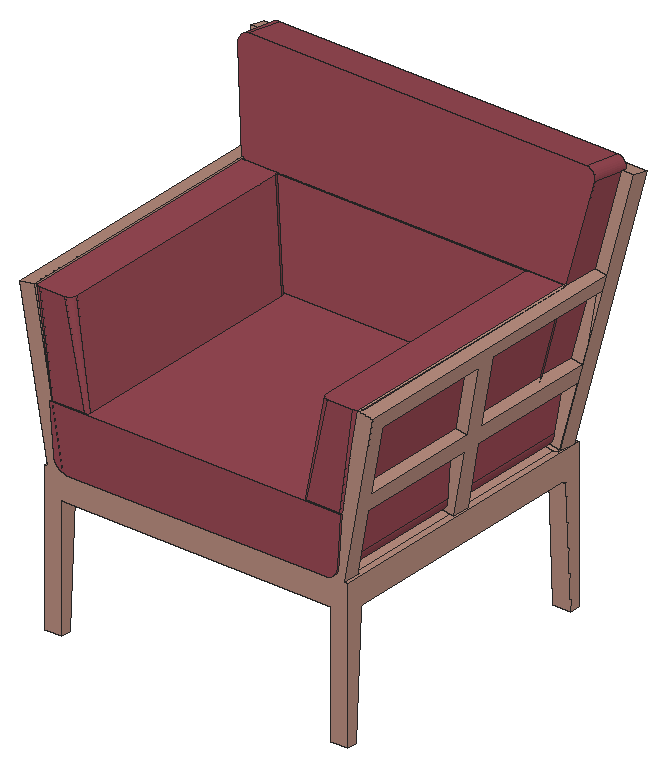
Revit family "Haworth_Janus_Slant_ContinentalSideChairwithArms", category Furniture, Revit 2018
Family settings
  OmniClass Number = 23.40.20.00
  OmniClass Title = General Furniture and Specialties
  Work Plane-Based = No
  Always vertical = Yes
  Cut with Voids When Loaded = No
  Shared = No
  Room Calculation Point = No
Parameters (values of type "HCJC-SL-SAC")
  With Seat Cushion = yes
  Width = "28.5 in."  # constant formula
  Warranty = "https://www.haworth.com/resources/product-info/warranties"
  URL - Product = "https://www.haworth.com/products/seating/outdoor/slant"
  URL = "http://www.haworth.com/our-brands/haworth-collection"
  Trim Finish [instance] = Haworth _ Paint _ Slant _ Mousse
  Size = "Verify Final Dim. w/ Haworth"  # constant formula
  Seat Bottom Finish [instance] = Haworth _ Fabric _ Tellure _ Tomato 3A-43
  Revision = "1"  # constant formula
  Model = "HCJC-SL-SAC"
  Manufacturer = "Haworth"  # constant formula
  Frame = yes
  Depth = "24.5 in."  # constant formula
  Height = "31.5 in."  # constant formula
  Description = "Haworth - Janus - Slant - Continental Side Chair with Arms"
  Cushion = yes
  Back Finish [instance] = Haworth _ Fabric _ Tellure _ Tomato 3A-43
  Author = "Haworth (Abd Rahman)"  # constant formula
  Assembly Code = "E2020200"
Reference planes (in)
  plane 1 "Center Front/Back": y = 0
  plane 2: z = 0
  plane 3 "Center Left/Right": x = 0
Nested families (in)
  nested 1: "Haworth_Janus_Slant_ Seat-Cushion_PART" at (-19.98621, 5.57332, -2.82748), visible <- "With Seat Cushion", Cushion Finish <- "Seat Bottom Finish", type "HCJC-SL-CSSA-S - Cushion"
    with Cushion Finish Haworth _ Fabric _ Tellure _ Tomato 3A-43
  nested 2: "Haworth_Janus_Slant_Cushion_Back_PART" at (0, -2.50717, -3.27451), Cushion Finish <- "Back Finish", visible <- "Cushion", type "HCJC-SL-CBSA-S - BackSide - Cushion"
    with Cushion Finish Haworth _ Fabric _ Tellure _ Tomato 3A-43
  nested 3: "Haworth_Janus_Slant_ContinentalSideChair_Frame_PART" at (-0.2032, 1.61978, 0), Frame Finish <- "Trim Finish", visible <- "Frame", type "HCJC-SL-SAC - FRAME"
    with Frame Finish Haworth _ Paint _ Slant _ Mousse
Definition of nested family "Haworth_Janus_Slant_ Seat-Cushion_PART"
  Parameters (values of type "HCJC-SL-CSSA-S - Cushion")
    Warranty = "https://www.haworth.com/resources/product-info/warranties"
    URL - Product = "https://www.haworth.com/products/tables/outdoor/slant"
    Model = "HCJC-SL-CSSA-S"  # constant formula
    Description = "Haworth_Slant_Seat-Seating_Cushion"
    URL = "http://www.haworth.com/our-brands/haworth-collection"
    Size = "Verify Final Dim. w/ Haworth"  # constant formula
    Revision Number = "1"  # constant formula
    Manufacturer = "Haworth"  # constant formula
    Cushion Width = 1' - 9 73/256"  # constant formula
    Cushion Finish [instance] = none
    Author = "Haworth (Abd Rahman)"  # constant formula
    Assembly Code = "E2020200"
    Actual Depth = 1' - 9 73/256"  # constant formula
  Reference planes (in)
    plane 1 "Center F/B": y = -4.48242
    plane 2: z = 0
    plane 3 "Center L/R": x = 19.75
    plane 4 "Left": x = 9.10742
    plane 5 "Right": x = 30.39258
    plane 6 "Chair Front": y = -15.125
    plane 7 "Top": z = 27.5
    plane 8 "Seat Top": z = 18.25
    plane 9: y = 6.16016
  Forms (in)
    Extrusion 1, solid, material <- "Cushion Finish"
      sketch origin (30.39258, -13.125, 16.78125) x (0, 0, -1) y (-1, 0, 0)
        loop
          line (-1.45984, 21.48819) -> (-1.45984, -0.20303) -> (2.05745, 0.04292)
          arc (2.05745, 0.04292) -> (2.76455, 0.33581) -> (3.05745, 1.04292) r 1
          line (3.05745, 1.04292) -> (3.05745, 20.18506)
          arc (3.05745, 20.18506) -> (2.76455, 20.89217) -> (2.05745, 21.18506) r 1
          line (2.05745, 21.18506) -> (-1.45984, 21.48819)
      from -2 to 19.28516
  Lines and regions (in)
    Masking region 1
      outline origin (0, 0, 0) x (1, 0, 0) y (0, 1, 0)
        loop
          line (9.20751, 6.16016) -> (9.20751, -15.125) -> (30.34966, -15.125) -> (30.34966, 6.16016) -> (9.20751, 6.16016)
  Dimensions and locks (in)
    locked: plane 7 "Top" to level at 27.5
    plane 8 "Seat Top" to level = 1' - 6 1/4"
    "Cushion Width": plane 4 "Left" to plane 5 "Right"
    equal spacing: plane 4 "Left", plane 3 "Center L/R", plane 5 "Right"
    "Actual Depth": plane 9 to plane 6 "Chair Front"
    equal spacing: plane 9, plane 1 "Center F/B", plane 6 "Chair Front"
    plane 8 "Seat Top" to plane 2 = 1' - 6 1/4"
    plane 4 "Left" to plane 5 "Right" = 1' - 9 73/256"
    aligned and locked: plane 9 to Extrusion 1
    aligned and locked: Extrusion 1 to plane 6 "Chair Front"
    aligned and locked: Masking region 1 sketch curve to Extrusion 1  (x2)
  Automatic sketch dimensions
    Masking region 1 sketch curve to plane 4 "Left" = 0' - 0.10009"
    Masking region 1 sketch curve to plane 5 "Right" = 0' - 0.04292"
    Extrusion 1 sketch curve to plane 8 "Seat Top" = 0' - 0.00891"
    Extrusion 1 sketch curve to plane 5 "Right" = 0' - 1.04292"
    Extrusion 1 sketch curve to plane 8 "Seat Top" = 0' - 3.5262"  (x2)
    Extrusion 1 sketch curve to Extrusion 1 sketch curve = 0' - 1"
    plane 5 "Right" to Extrusion 1 sketch curve = 0' - 0.20303"
    plane 4 "Left" to Extrusion 1 sketch curve = 0' - 0.20303"
    Extrusion 1 sketch curve to plane 4 "Left" = 0' - 0.10009"
Definition of nested family "Haworth_Janus_Slant_Cushion_Back_PART"
  Parameters (values of type "HCJC-SL-CBSA-S - BackSide - Cushion")
    Warranty = "https://www.haworth.com/resources/product-info/warranties"
    URL - Product = "https://www.haworth.com/products/seating/outdoor/slant"
    URL = "http://www.haworth.com/our-brands/haworth-collection"
    Size = "Verify Final Dim. w/ Haworth"  # constant formula
    Revision = "1"  # constant formula
    Model = "HCJC-SL-CBSA-S"  # constant formula
    Manufacturer = "Haworth"  # constant formula
    Description = "Haworth_Slant_BackSide_Cushion"
    Cushion Width = 2' - 2 3/4"  # constant formula
    Cushion Finish [instance] = none
    Cushion Depth = 1' - 11 37/64"  # constant formula
    Author = "Haworth (Abd Rahman)"  # constant formula
    Assembly Code = "E2020200"
  Reference planes (in)
    plane 1 "Center Front/Back": y = 4.61133
    plane 2: z = 0
    plane 3 "Center Left/Right": x = 0
    plane 4 "Bench Back": x = -13.5625
    plane 5 "Bench Front": x = 13.1875
    plane 6 "Cushion Seam Right": y = 16.53906
    plane 7 "Cushion Seam Left": y = -7.03867
    plane 8 "Back Cushion 1": through (0, 14.11346, 18.85029) normal (0, 0.9864, -0.1644)
    plane 9 "Back Cushion 2": through (0, 12.34347, 25.97201) normal (0, 0.9864, -0.1644)
    plane 10: z = 31.68812
    plane 11: z = 18.43812
  Forms (in)
    Extrusion 1, solid, material <- "Cushion Finish"
      sketch origin (0, 10.58787, -2.30322) x (0, -0.164399, -0.986394) y (-1, 0, 0)
        loop
          line (-35.84805, 12.79837) -> (-35.84805, -12.38289)
          arc (-35.84805, -12.38289) -> (-35.61007, -12.89638) -> (-35.06445, -13.0467) r 0.67297
          line (-35.06445, -13.0467) -> (-21.2946, -10.75173)
          arc (-21.2946, -10.75173) -> (-21.10321, -10.64302) -> (-21.02744, -10.43636) r 0.31972
          line (-21.02744, -10.43636) -> (-21.02744, 10.81582)
          arc (-21.02744, 10.81582) -> (-21.12014, 11.06868) -> (-21.35432, 11.20169) r 0.39119
          line (-21.35432, 11.20169) -> (-35.04026, 13.48268)
          arc (-35.04026, 13.48268) -> (-35.60273, 13.32771) -> (-35.84805, 12.79837) r 0.69375
      from 0 to -2.91671
    Blend 2, solid, material <- "Cushion Finish"
      base sketch origin (0, 0, 0) x (1, 0, 0) y (0, 1, 0)
        loop
          arc (8.07872, 11.16747) -> (7.90194, 11.09425) -> (7.82872, 10.91747) r 0.25
          line (7.82872, 10.91747) -> (7.82872, -6.78867)
          arc (7.82872, -6.78867) -> (7.90194, -6.96545) -> (8.07872, -7.03867) r 0.25
          line (8.07872, -7.03867) -> (10.48866, -7.03867)
          arc (10.48866, -7.03867) -> (10.66543, -6.96545) -> (10.73866, -6.78867) r 0.25
          line (10.73866, -6.78867) -> (10.73866, 10.91747)
          arc (10.73866, 10.91747) -> (10.66543, 11.09425) -> (10.48866, 11.16747) r 0.25
          line (10.48866, 11.16747) -> (8.07872, 11.16747)
      top sketch origin (0, 0, 0) x (1, 0, 0) y (0, 1, 0)
        loop
          arc (9.35601, 12.20257) -> (9.17923, 12.12935) -> (9.10601, 11.95257) r 0.25
          line (9.10601, 11.95257) -> (9.10601, -6.53867)
          arc (9.10601, -6.53867) -> (9.25245, -6.89223) -> (9.60601, -7.03867) r 0.5
          line (9.60601, -7.03867) -> (11.46868, -7.03867)
          arc (11.46868, -7.03867) -> (11.82223, -6.89223) -> (11.96868, -6.53867) r 0.5
          line (11.96868, -6.53867) -> (11.96868, 11.95257)
          arc (11.96868, 11.95257) -> (11.89545, 12.12935) -> (11.71868, 12.20257) r 0.25
          line (11.71868, 12.20257) -> (9.35601, 12.20257)
      from 18.78758 to 26.00399
    Blend 3, solid, material <- "Cushion Finish"
      base sketch origin (-0.375, 0, 0) x (-1, 0, 0) y (0, -1, 0)
        loop
          line (8.07872, -11.16747) -> (10.48866, -11.16747)
          arc (10.48866, -11.16747) -> (10.66543, -11.09425) -> (10.73866, -10.91747) r 0.25
          line (10.73866, -10.91747) -> (10.73866, 6.78867)
          arc (10.73866, 6.78867) -> (10.66543, 6.96545) -> (10.48866, 7.03867) r 0.25
          line (10.48866, 7.03867) -> (8.07872, 7.03867)
          arc (8.07872, 7.03867) -> (7.90194, 6.96545) -> (7.82872, 6.78867) r 0.25
          line (7.82872, 6.78867) -> (7.82872, -10.91747)
          arc (7.82872, -10.91747) -> (7.90194, -11.09425) -> (8.07872, -11.16747) r 0.25
      top sketch origin (-0.375, 0, 0) x (-1, 0, 0) y (0, -1, 0)
        loop
          line (9.35601, -12.20257) -> (11.71868, -12.20257)
          arc (11.71868, -12.20257) -> (11.89545, -12.12935) -> (11.96868, -11.95257) r 0.25
          line (11.96868, -11.95257) -> (11.96868, 6.53867)
          arc (11.96868, 6.53867) -> (11.82223, 6.89223) -> (11.46868, 7.03867) r 0.5
          line (11.46868, 7.03867) -> (9.60601, 7.03867)
          arc (9.60601, 7.03867) -> (9.25245, 6.89223) -> (9.10601, 6.53867) r 0.5
          line (9.10601, 6.53867) -> (9.10601, -11.95257)
          arc (9.10601, -11.95257) -> (9.17923, -12.12935) -> (9.35601, -12.20257) r 0.25
      from 18.78758 to 26.00399
    Sweep 4, void
      path origin (0, 10.58639, -2.31209) x (0, -0.164399, -0.986394) y (-1, 0, 0)
        loop
          line (-27.99974, 12.30926) -> (-27.99974, -11.86925)
      profile origin (-0.22, 15.18952, 25.30668) x (0, -0.164399, -0.986394) y (0, 0.986394, -0.164399)
        loop
          arc (-0.07611, -0.09686) -> (-0.05703, -0.03268) -> (-0.01191, 0.0168) r 0.14996
          line (-0.01191, 0.0168) -> (-0.14032, 0.0168)
          arc (-0.14032, 0.0168) -> (-0.0952, -0.03268) -> (-0.07611, -0.09686) r 0.14996
    Sweep 5, void
      path origin (0, 7.71296, -1.82635) x (0, -0.164399, -0.986394) y (1, 0, 0)
        loop
          line (-27.99974, -12.30926) -> (-27.99974, 11.86925)
      profile origin (-0.22, 12.3161, 25.79242) x (0, 0.164399, 0.986394) y (0, -0.986394, 0.164399)
        loop
          arc (0.07611, -0.09686) -> (0.0952, -0.03268) -> (0.14032, 0.0168) r 0.14996
          line (0.14032, 0.0168) -> (0.01191, 0.0168)
          arc (0.01191, 0.0168) -> (0.05703, -0.03268) -> (0.07611, -0.09686) r 0.14996
  Cuts and joins
    Sweep 4, Sweep 5 cuts Extrusion 1
  Lines and regions (in)
    Masking region 1
      outline origin (0, 0, 0) x (1, 0, 0) y (0, 1, 0)
        loop
          line (-13.5625, 16.53906) -> (-13.5625, 13.60423) -> (13.1875, 13.60423) -> (13.1875, 16.53906) -> (-13.5625, 16.53906)
    Masking region 2
      outline origin (0, 0, 0) x (1, 0, 0) y (0, 1, 0)
        loop
          arc (11.46868, -7.03867) -> (11.82223, -6.89223) -> (11.96868, -6.53867) r 0.5
          line (11.96868, -6.53867) -> (11.96868, 11.95257)
          arc (11.96868, 11.95257) -> (11.89545, 12.12935) -> (11.71868, 12.20257) r 0.25
          line (11.71868, 12.20257) -> (9.35601, 12.20257)
          arc (9.35601, 12.20257) -> (9.17923, 12.12935) -> (9.10601, 11.95257) r 0.25
          line (9.10601, 11.95257) -> (9.10601, -6.53867)
          arc (9.10601, -6.53867) -> (9.25245, -6.89223) -> (9.60601, -7.03867) r 0.5
          line (9.60601, -7.03867) -> (11.46868, -7.03867)
        loop
          line (-11.84368, -7.03867) -> (-9.98101, -7.03867)
          arc (-9.98101, -7.03867) -> (-9.62745, -6.89223) -> (-9.48101, -6.53867) r 0.5
          line (-9.48101, -6.53867) -> (-9.48101, 11.95257)
          arc (-9.48101, 11.95257) -> (-9.55423, 12.12935) -> (-9.73101, 12.20257) r 0.25
          line (-9.73101, 12.20257) -> (-12.09368, 12.20257)
          arc (-12.09368, 12.20257) -> (-12.27045, 12.12935) -> (-12.34368, 11.95257) r 0.25
          line (-12.34368, 11.95257) -> (-12.34368, -6.53867)
          arc (-12.34368, -6.53867) -> (-12.19723, -6.89223) -> (-11.84368, -7.03867) r 0.5
    Masking region 3
      outline origin (0, 0, 0) x (1, 0, 0) y (0, 1, 0)
        loop
          arc (-9.55423, 12.12935) -> (-9.50004, 12.04824) -> (-9.48101, 11.95257) r 0.25
          line (-9.48101, 11.95257) -> (-9.48101, -6.53867)
          arc (-9.48101, -6.53867) -> (-9.62745, -6.89223) -> (-9.98101, -7.03867) r 0.5
          line (-9.98101, -7.03867) -> (-8.45372, -7.03867)
          arc (-8.45372, -7.03867) -> (-8.27694, -6.96545) -> (-8.20372, -6.78867) r 0.25
          line (-8.20372, -6.78867) -> (-8.20372, 10.91747)
          arc (-8.20372, 10.91747) -> (-8.22809, 11.02515) -> (-8.29648, 11.11183) r 0.25
          line (-8.29648, 11.11183) -> (-9.55423, 12.12935)
        loop
          line (9.17923, 12.12935) -> (7.92148, 11.11183)
          arc (7.92148, 11.11183) -> (7.85309, 11.02515) -> (7.82872, 10.91747) r 0.25
          line (7.82872, 10.91747) -> (7.82872, -6.78867)
          arc (7.82872, -6.78867) -> (7.90194, -6.96545) -> (8.07872, -7.03867) r 0.25
          line (8.07872, -7.03867) -> (9.60601, -7.03867)
          arc (9.60601, -7.03867) -> (9.25245, -6.89223) -> (9.10601, -6.53867) r 0.5
          line (9.10601, -6.53867) -> (9.10601, 11.95257)
          arc (9.10601, 11.95257) -> (9.12504, 12.04824) -> (9.17923, 12.12935) r 0.25
    Masking region 4
      outline origin (0, 0, 0) x (1, 0, 0) y (0, 1, 0)
        loop
          line (11.75631, 12.20257) -> (13.17731, 13.60423) -> (-13.5625, 13.60423) -> (-13.4665, 13.45547) -> (-12.19632, 12.20257) -> (-9.73101, 12.20257)
          arc (-9.73101, 12.20257) -> (-9.63533, 12.18354) -> (-9.55423, 12.12935) r 0.25
          line (-9.55423, 12.12935) -> (-8.36559, 11.16774) -> (7.99059, 11.16774) -> (9.17923, 12.12935)
          arc (9.17923, 12.12935) -> (9.26033, 12.18354) -> (9.35601, 12.20257) r 0.25
          line (9.35601, 12.20257) -> (11.75631, 12.20257)
  Dimensions and locks (in)
    plane 5 "Bench Front" to plane 4 "Bench Back" = 2' - 2 3/4"
    "Cushion Width": plane 4 "Bench Back" to plane 5 "Bench Front"
    plane 7 "Cushion Seam Left" to plane 6 "Cushion Seam Right" = 1' - 11.57773"
    plane 10 to plane 11 = 1' - 1 1/4"
    plane 1 "Center Front/Back" to plane 7 "Cushion Seam Left" = 0' - 11.65"
    aligned and locked: Blend 2 sketch curve to plane 7 "Cushion Seam Left"  (x2)
    aligned and locked: Extrusion 1 to plane 9 "Back Cushion 2"
    aligned and locked: plane 6 "Cushion Seam Right" to Masking region 1 sketch curve
    aligned and locked: Masking region 1 sketch curve to plane 5 "Bench Front"
    aligned and locked: plane 4 "Bench Back" to Masking region 1 sketch curve
  Automatic sketch dimensions
    plane 4 "Bench Back" to Extrusion 1 sketch curve = 0' - 0.76413"
    Extrusion 1 sketch curve to Extrusion 1 sketch curve = 0' - 0.67297"
    Extrusion 1 sketch curve to Extrusion 1 sketch curve = 0' - 0.69375"
    Extrusion 1 sketch curve to plane 5 "Bench Front" = 0' - 0.1408"
    Extrusion 1 sketch curve to Extrusion 1 sketch curve = 0' - 0.11064"
    plane 4 "Bench Back" to Extrusion 1 sketch curve = 0' - 0.07982"
    plane 4 "Bench Back" to Extrusion 1 sketch curve = 0' - 2.74668"
    Extrusion 1 sketch curve to Extrusion 1 sketch curve = 1' - 1.73568"
    plane 4 "Bench Back" to Extrusion 1 sketch curve = 0' - 2.36081"
    Extrusion 1 sketch curve to Extrusion 1 sketch curve = 0' - 0.06431"
    Extrusion 1 sketch curve to Extrusion 1 sketch curve = 0' - 0.31972"
    Extrusion 1 sketch curve to plane 5 "Bench Front" = 0' - 2.43577"
    Extrusion 1 sketch curve to Extrusion 1 sketch curve = 0' - 0.05256"
    Blend 2 sketch curve to plane 7 "Cushion Seam Left" = 0' - 0 1/4"
    Blend 2 sketch curve to plane 5 "Bench Front" = 0' - 5.35878"
    Blend 2 sketch curve to Blend 2 sketch curve = 0' - 0 1/4"  (x3)
    Blend 2 sketch curve to Blend 2 sketch curve = 0' - 2.40994"  (x2)
    plane 6 "Cushion Seam Right" to Blend 2 sketch curve = 0' - 5.62159"
    Blend 2 sketch curve to plane 7 "Cushion Seam Left" = 0' - 0 1/2"
    Blend 2 sketch curve to plane 5 "Bench Front" = 0' - 4.08149"
    Blend 2 sketch curve to plane 5 "Bench Front" = 0' - 1.71882"
    Blend 2 sketch curve to plane 5 "Bench Front" = 0' - 1.46882"
    Blend 2 sketch curve to Blend 2 sketch curve = 0' - 0 1/2"
    plane 6 "Cushion Seam Right" to Blend 2 sketch curve = 0' - 4.58649"
    plane 7 "Cushion Seam Left" to Blend 3 sketch curve = 0' - 0"  (x2)
    plane 7 "Cushion Seam Left" to Blend 3 sketch curve = 0' - 0 1/4"
    Blend 3 sketch curve to plane 4 "Bench Back" = 0' - 5.35878"
    Blend 3 sketch curve to Blend 3 sketch curve = 0' - 0 1/4"  (x3)
    Blend 3 sketch curve to Blend 3 sketch curve = 0' - 2.40994"  (x2)
    Blend 3 sketch curve to plane 6 "Cushion Seam Right" = 0' - 5.62159"
    plane 7 "Cushion Seam Left" to Blend 3 sketch curve = 0' - 0 1/2"
    Blend 3 sketch curve to plane 4 "Bench Back" = 0' - 4.08149"
    Blend 3 sketch curve to plane 4 "Bench Back" = 0' - 1.71882"
    Blend 3 sketch curve to plane 4 "Bench Back" = 0' - 1.46882"
    Blend 3 sketch curve to Blend 3 sketch curve = 0' - 0 1/2"
    Blend 3 sketch curve to plane 6 "Cushion Seam Right" = 0' - 4.58649"
    Sweep 4 sketch curve to plane 5 "Bench Front" = 0' - 1.31825"
    plane 4 "Bench Back" to Sweep 4 sketch curve = 0' - 1.25324"
    Sweep 4 sketch curve to plane 8 "Back Cushion 1" = 0' - 0.10644"  (x2)
    profile plane to Sweep 4 sketch curve = 0' - 0.22577"
    plane 8 "Back Cushion 1" to Sweep 4 sketch curve = 0' - 0.0168"
    profile plane to Sweep 4 sketch curve = 0' - 0.14032"
    profile plane to Sweep 4 sketch curve = 0' - 0.01191"
    Sweep 4 sketch curve to profile plane = 0' - 0.07354"
    Sweep 5 sketch curve to plane 5 "Bench Front" = 0' - 1.31825"
    plane 4 "Bench Back" to Sweep 5 sketch curve = 0' - 1.25324"
    profile plane to Sweep 5 sketch curve = 0' - 0.07354"
    Sweep 5 sketch curve to profile plane = 0' - 0.01191"
    profile plane to Sweep 5 sketch curve = 0' - 0.0168"
    Sweep 5 sketch curve to Sweep 5 sketch curve = 0' - 0.12842"
    Sweep 5 sketch curve to Sweep 5 sketch curve = 0' - 0.08545"
    Sweep 5 sketch curve to profile plane = 0' - 0.10644"  (x2)
    plane 7 "Cushion Seam Left" to Masking region 2 sketch curve = 0' - 0"  (x2)
    Masking region 2 sketch curve to plane 7 "Cushion Seam Left" = 0' - 0 1/2"  (x3)
    plane 4 "Bench Back" to Masking region 2 sketch curve = 0' - 1.21882"
    Masking region 2 sketch curve to Masking region 2 sketch curve = 0' - 0 1/4"  (x4)
    Masking region 2 sketch curve to Masking region 2 sketch curve = 0' - 1.86267"
    Masking region 2 sketch curve to plane 5 "Bench Front" = 0' - 4.08149"
    Masking region 2 sketch curve to Masking region 2 sketch curve = 0' - 0 1/2"
    Masking region 2 sketch curve to plane 5 "Bench Front" = 0' - 1.71882"
    plane 6 "Cushion Seam Right" to Masking region 2 sketch curve = 0' - 4.58649"  (x2)
    plane 7 "Cushion Seam Left" to Masking region 3 sketch curve = 0' - 0"  (x4)
    Masking region 3 sketch curve to plane 7 "Cushion Seam Left" = 0' - 0 1/2"
    plane 4 "Bench Back" to Masking region 3 sketch curve = 0' - 3.58149"
    Masking region 3 sketch curve to Masking region 3 sketch curve = 0' - 0 1/4"  (x5)
    Masking region 3 sketch curve to Masking region 3 sketch curve = 0' - 0.07322"  (x2)
    Masking region 3 sketch curve to plane 7 "Cushion Seam Left" = 0' - 0 1/4"
    Masking region 3 sketch curve to Masking region 3 sketch curve = 0' - 1.02729"  (x2)
    Masking region 3 sketch curve to Masking region 3 sketch curve = 0' - 0.09276"  (x2)
    Masking region 3 sketch curve to plane 5 "Bench Front" = 0' - 5.35878"
    Masking region 3 sketch curve to Masking region 3 sketch curve = 0' - 0 1/2"
    plane 6 "Cushion Seam Right" to Masking region 3 sketch curve = 0' - 5.62159"  (x2)
    Masking region 3 sketch curve to Masking region 3 sketch curve = 0' - 1.0351"
    Masking region 3 sketch curve to Masking region 3 sketch curve = 0' - 0.84074"
    Masking region 3 sketch curve to Masking region 3 sketch curve = 0' - 0"  (x2)
    Masking region 1 sketch curve to Masking region 1 sketch curve = 0' - 2.93483"
    Masking region 4 sketch curve to plane 4 "Bench Back" = 0' - 0"
    plane 4 "Bench Back" to Masking region 4 sketch curve = 0' - 1.36618"
    Masking region 4 sketch curve to Masking region 4 sketch curve = 0' - 2.46531"
    Masking region 4 sketch curve to Masking region 4 sketch curve = 0' - 0.17678"  (x4)
    Masking region 4 sketch curve to Masking region 4 sketch curve = 0' - 1.18864"  (x2)
    Masking region 4 sketch curve to plane 5 "Bench Front" = 0' - 5.19691"
    Masking region 4 sketch curve to plane 5 "Bench Front" = 0' - 1.43119"
    Masking region 4 sketch curve to plane 5 "Bench Front" = 0' - 0.01019"
    plane 6 "Cushion Seam Right" to Masking region 4 sketch curve = 0' - 5.37132"
    Masking region 4 sketch curve to Masking region 4 sketch curve = 0' - 0.78483"  (x2)
    Masking region 4 sketch curve to Masking region 4 sketch curve = 0' - 1.40166"
    plane 4 "Bench Back" to Masking region 4 sketch curve = 0' - 0.096"
    Masking region 4 sketch curve to Masking region 4 sketch curve = 0' - 0.14876"
Definition of nested family "Haworth_Janus_Slant_ContinentalSideChair_Frame_PART"
  Parameters (values of type "HCJC-SL-SAC - FRAME")
    Warranty = "https://www.haworth.com/resources/product-info/warranties"
    URL - Product = "https://www.haworth.com/products/seating/outdoor/slant"
    URL = "http://www.haworth.com/our-brands/haworth-collection"
    Size = "Verify Final Dim. w/ Haworth"  # constant formula
    Revision = "2"  # constant formula
    Model = "HCJC-SL-SAC"
    Manufacturer = "Haworth"  # constant formula
    Frame Finish [instance] = none
    Description = "Haworth Slant Continental Side Chair with Arms - Frame"
    Author = "Haworth (Abd Rahman)"  # constant formula
    Assembly Code = "E2020200"
    Arm Height = 1' - 10 3/4"  # constant formula
    Actual Width = 2' - 4 1/2"  # constant formula
    Actual Height = 2' - 5"  # constant formula
    Actual Depth = 2' - 0 1/2"  # constant formula
  Reference planes (in)
    plane 1 "Center Front/Back": y = 0
    plane 2: z = 0
    plane 3 "Center Left/Right": x = 0
    plane 4 "Back Seat": through (0, 13.32342, 31.17686) normal (0, -0.9864, 0.1644)
    plane 5 "Front Seat": through (0, 12.13592, 31.17686) normal (0, -0.9864, 0.1644)
    plane 6 "Top Arm": z = 22.75
    plane 7 "Bottom Arm": z = 11.00176
    plane 8 "Right Arm 1": through (14.04146, -180, 27.82373) normal (-0.9848, 0, 0.1736)
    plane 9 "Bottom Seat": z = 9.00473
    plane 10 "Front Arm": y = -11.17147
    plane 11: through (10.47253, -180, 13.9749) normal (-0.9848, 0, 0.1736)
    plane 12: z = 29
    plane 13: x = 14.23525
    plane 14: x = -14.26475
    plane 15: y = 13.32853
  Forms (in)
    Extrusion 1, solid, material <- "Frame Finish"
      sketch origin (-0.02614, 7.82585, -1.80732) x (0, 0.164405, 0.986393) y (-1, 0, 0)
        loop
          line (31.23234, -14.25866) -> (31.23234, 14.23853) -> (12.91561, 11.2095) -> (12.91561, -11.22963) -> (31.23234, -14.25866)
        loop
          line (30.13525, -12.6147) -> (30.13525, -0.59055) -> (25.25342, -0.59055) -> (25.25342, -11.89433)
          arc (25.25342, -11.89433) -> (25.31284, -12.05614) -> (25.46286, -12.14102) r 0.25
          line (25.46286, -12.14102) -> (29.84469, -12.86139)
          arc (29.84469, -12.86139) -> (30.04705, -12.80528) -> (30.13525, -12.6147) r 0.25
        loop
          line (24.08611, -11.73112) -> (24.08611, -0.59055) -> (19.20642, -0.59055) -> (19.20642, -11.11337) -> (23.89944, -11.88946)
          arc (23.89944, -11.88946) -> (24.02944, -11.85351) -> (24.08611, -11.73112) r 0.16049
        loop
          line (18.06048, -0.55055) -> (13.03794, -0.55055) -> (13.03794, -9.66944)
          arc (13.03794, -9.66944) -> (13.15663, -9.99287) -> (13.45636, -10.16274) r 0.5
          line (13.45636, -10.16274) -> (18.06048, -10.92412) -> (18.06048, -0.55055)
        loop
          arc (30.18204, 12.62239) -> (30.09384, 12.81297) -> (29.89148, 12.86908) r 0.25
          line (29.89148, 12.86908) -> (25.46286, 12.14102)
          arc (25.46286, 12.14102) -> (25.31284, 12.05614) -> (25.25342, 11.89433) r 0.25
          line (25.25342, 11.89433) -> (25.25342, 0.59055) -> (30.18204, 0.59055) -> (30.18204, 12.62239)
        loop
          arc (24.13603, 11.62834) -> (24.04775, 11.81899) -> (23.84524, 11.87499) r 0.25
          line (23.84524, 11.87499) -> (19.25321, 11.1156) -> (19.25321, 0.59055) -> (24.13603, 0.59055) -> (24.13603, 11.62834)
        loop
          line (18.06048, 0.55055) -> (18.06048, 10.91836) -> (13.33726, 10.13729)
          arc (13.33726, 10.13729) -> (13.1592, 10.03637) -> (13.08869, 9.84424) r 0.29703
          line (13.08869, 9.84424) -> (13.08869, 0.55055) -> (18.06048, 0.55055)
      from 0 to 1.17134
    Extrusion 2, solid, material <- "Frame Finish"
      sketch origin (0, 0, 9.00473) x (-1, 0, 0) y (0, -1, 0)
        loop
          line (9.99604, 11.13147) -> (-9.99604, 11.13147) -> (-9.99604, -9.20421) -> (9.99604, -9.20421) -> (9.99604, 11.13147)
        loop
          line (-8.90188, 10.02978) -> (-8.77376, -9.16855) -> (-1.18, -9.16855) -> (-1.18, 10.02978) -> (-8.90188, 10.02978)
        loop
          line (8.90244, 10.02978) -> (1.18, 10.02978) -> (1.18, -9.16855) -> (8.90244, -9.16855) -> (8.90244, 10.02978)
      from 0 to 1.99703
    Extrusion 3, solid, material <- "Frame Finish"
      sketch origin (0, 0, 0) x (0, 1, 0) y (0, 0, 1)
        loop
          line (-11.13147, 11.00176) -> (-11.13147, 0) -> (-10.38407, 0) -> (-9.94355, 8.72459)
          arc (-9.94355, 8.72459) -> (-9.86944, 8.90898) -> (-9.69531, 9.00473) r 0.29549
          line (-9.69531, 9.00473) -> (8.8247, 9.00473)
          arc (8.8247, 9.00473) -> (9.03809, 8.92489) -> (9.14667, 8.72459) r 0.3251
          line (9.14667, 8.72459) -> (9.5872, 0) -> (10.36605, 0) -> (10.35942, 11.00176) -> (-11.13147, 11.00176)
      from 9.99604 to 11.28148
    Extrusion 4, solid, material <- "Frame Finish"
      sketch origin (0, 0, 0) x (0, 1, 0) y (0, 0, -1)
        loop
          line (-11.13147, -11.00176) -> (10.35942, -11.00176) -> (10.36605, 0) -> (9.5872, 0) -> (9.14667, -8.72459)
          arc (9.14667, -8.72459) -> (9.03809, -8.92489) -> (8.8247, -9.00473) r 0.3251
          line (8.8247, -9.00473) -> (-9.69531, -9.00473)
          arc (-9.69531, -9.00473) -> (-9.86944, -8.90898) -> (-9.94355, -8.72459) r 0.29549
          line (-9.94355, -8.72459) -> (-10.38407, 0) -> (-11.13147, 0) -> (-11.13147, -11.00176)
      from 9.99604 to 11.28148
    Extrusion 5, solid, material <- "Frame Finish"
      sketch origin (8.50434, 0, -4.19313) x (-0.173648, 0, -0.984808) y (0, -1, 0)
        loop
          line (-27.1636, -11.07656) -> (-15.22266, -9.11332) -> (-15.22266, 11.13147) -> (-27.1636, 11.13147) -> (-27.1636, -11.07656)
        loop
          line (-21.21017, 9.98978) -> (-25.79485, 9.98978)
          arc (-25.79485, 9.98978) -> (-25.98227, 9.91815) -> (-26.07414, 9.73978) r 0.28101
          line (-26.07414, 9.73978) -> (-26.07414, 0.99177) -> (-21.21017, 0.99177) -> (-21.21017, 9.98978)
        loop
          line (-20.01936, 9.98978) -> (-20.01936, 0.99177) -> (-15.35591, 0.99177) -> (-15.35591, 9.74711)
          arc (-15.35591, 9.74711) -> (-15.44672, 9.91494) -> (-15.62225, 9.98978) r 0.28946
          line (-15.62225, 9.98978) -> (-20.01936, 9.98978)
        loop
          line (-15.35591, -0.24177) -> (-20.01936, -0.24177) -> (-20.01936, -9.53246) -> (-15.49762, -8.78222)
          arc (-15.49762, -8.78222) -> (-15.39611, -8.72463) -> (-15.35591, -8.61506) r 0.16944
          line (-15.35591, -8.61506) -> (-15.35591, -0.24177)
        loop
          line (-26.25575, -0.24177) -> (-26.25575, -10.35354)
          arc (-26.25575, -10.35354) -> (-26.19161, -10.49187) -> (-26.04459, -10.53227) r 0.18122
          line (-26.04459, -10.53227) -> (-21.21017, -9.72256) -> (-21.21017, -0.24177) -> (-26.25575, -0.24177)
      from 0.10668 to 1.21656
    Extrusion 6, solid, material <- "Frame Finish"
      sketch origin (-8.50434, 0, -4.19313) x (0.173648, 0, -0.984808) y (0, 1, 0)
        loop
          line (-27.1636, 11.20552) -> (-27.1636, -11.13147) -> (-15.22266, -11.13147) -> (-15.22266, 9.24229) -> (-27.1636, 11.20552)
        loop
          line (-21.21017, -9.98978) -> (-21.21017, -0.99177) -> (-26.07414, -0.99177) -> (-26.07414, -9.73978)
          arc (-26.07414, -9.73978) -> (-25.98227, -9.91815) -> (-25.79485, -9.98978) r 0.28101
          line (-25.79485, -9.98978) -> (-21.21017, -9.98978)
        loop
          line (-20.01936, -9.98978) -> (-15.62225, -9.98978)
          arc (-15.62225, -9.98978) -> (-15.44672, -9.91494) -> (-15.35591, -9.74711) r 0.28946
          line (-15.35591, -9.74711) -> (-15.35591, -0.99177) -> (-20.01936, -0.99177) -> (-20.01936, -9.98978)
        loop
          line (-15.35591, 0.24177) -> (-15.35591, 8.99711)
          arc (-15.35591, 8.99711) -> (-15.44672, 9.16494) -> (-15.62225, 9.23978) r 0.28946
          line (-15.62225, 9.23978) -> (-20.01936, 9.96934) -> (-20.01936, 0.24177) -> (-15.35591, 0.24177)
        loop
          line (-26.03238, 0.24177) -> (-21.21017, 0.24177) -> (-21.21017, 10.16513) -> (-25.75309, 10.92602)
          arc (-25.75309, 10.92602) -> (-25.94051, 10.85439) -> (-26.03238, 10.67602) r 0.28101
          line (-26.03238, 10.67602) -> (-26.03238, 0.24177)
      from 0.10668 to 1.21656
  Cuts and joins
    joined: Extrusion 2, Extrusion 3, Extrusion 4, Extrusion 5, Extrusion 6
  Lines and regions (in)
    Masking region 1
      outline origin (0, 0, 28.87474) x (-1, 0, 0) y (0, -1, 0)
        loop
          line (14.26467, -13.32853) -> (14.26467, -11.8052) -> (-14.23252, -11.8052) -> (-14.23252, -13.32853) -> (14.26467, -13.32853)
        loop
          line (13.22102, 11.17147) -> (12.43519, 11.17147) -> (12.43519, -10.85667) -> (13.22102, -10.85667) -> (13.22102, 11.17147)
        loop
          line (-13.22102, 11.17147) -> (-13.22102, -10.85667) -> (-12.43519, -10.85667) -> (-12.43519, 11.17147) -> (-13.22102, 11.17147)
  Dimensions and locks (in)
    "Actual Height": plane 12 to plane 2
    "Actual Width": plane 14 to plane 13
    "Actual Depth": plane 15 to plane 10 "Front Arm"
    "Arm Height": plane 6 "Top Arm" to plane 2
    Extrusion 1 to level = 2' - 5.19261"
    plane 12 to level = 2' - 5"
    aligned and locked: Extrusion 1 to plane 4 "Back Seat"
    aligned and locked: plane 5 "Front Seat" to Extrusion 1
    aligned and locked: plane 7 "Bottom Arm" to Extrusion 2
    aligned and locked: Extrusion 2 to plane 9 "Bottom Seat"
    aligned and locked: plane 11 to Extrusion 5
    aligned and locked: plane 7 "Bottom Arm" to cut or joined group of Extrusion 2, Extrusion 3, Extrusion 4, Extrusion 5, Extrusion 6
    aligned and locked: cut or joined group of Extrusion 2, Extrusion 3, Extrusion 4, Extrusion 5, Extrusion 6 to cut or joined group of Extrusion 2, Extrusion 3, Extrusion 4, Extrusion 5, Extrusion 6
    aligned and locked: Masking region 1 sketch curve to Extrusion 1  (x3)
    aligned and locked: Extrusion 1 to Masking region 1 sketch curve
    aligned and locked: Extrusion 5 to plane 8 "Right Arm 1"
    aligned and locked: Extrusion 2 sketch curve to Extrusion 5
    aligned and locked: Masking region 1 sketch curve to plane 15
  Automatic sketch dimensions
    plane 14 to Extrusion 1 sketch curve = 0' - 3.02912"
    Extrusion 1 sketch curve to Extrusion 1 sketch curve = 0' - 0.12233"
    Extrusion 1 sketch curve to Extrusion 1 sketch curve = 0' - 0.05075"
    plane 14 to Extrusion 1 sketch curve = 0' - 4.10133"
    Extrusion 1 sketch curve to Extrusion 1 sketch curve = 0' - 0.24857"
    Extrusion 1 sketch curve to Extrusion 1 sketch curve = 0' - 0.29703"
    plane 13 to Extrusion 1 sketch curve = 0' - 4.09865"
    Extrusion 1 sketch curve to Extrusion 1 sketch curve = 0' - 0.41842"
    Extrusion 1 sketch curve to Extrusion 1 sketch curve = 0' - 0.08158"
    plane 3 "Center Left/Right" to Extrusion 1 sketch curve = 0' - 0.52441"
    Extrusion 1 sketch curve to Extrusion 1 sketch curve = 0' - 5.02254"
    Extrusion 1 sketch curve to Extrusion 1 sketch curve = 0' - 4.72322"
    plane 3 "Center Left/Right" to Extrusion 1 sketch curve = 0' - 0.56441"  (x2)
    Extrusion 1 sketch curve to Extrusion 1 sketch curve = 0' - 1.14594"
    Extrusion 1 sketch curve to Extrusion 1 sketch curve = 0' - 0.04679"  (x2)
    plane 14 to Extrusion 1 sketch curve = 0' - 2.36363"
    Extrusion 1 sketch curve to Extrusion 1 sketch curve = 0' - 4.59203"
    Extrusion 1 sketch curve to Extrusion 1 sketch curve = 0' - 0.04079"
    plane 13 to Extrusion 1 sketch curve = 0' - 2.37193"
    Extrusion 1 sketch curve to Extrusion 1 sketch curve = 0' - 4.69302"
    Extrusion 1 sketch curve to Extrusion 1 sketch curve = 0' - 0.02618"
    Extrusion 1 sketch curve to Extrusion 1 sketch curve = 0' - 4.87969"
    Extrusion 1 sketch curve to Extrusion 1 sketch curve = 0' - 0 1/4"  (x3)
    Extrusion 1 sketch curve to Extrusion 1 sketch curve = 0' - 1.11739"
    Extrusion 1 sketch curve to Extrusion 1 sketch curve = 0' - 1.1673"
    plane 14 to Extrusion 1 sketch curve = 0' - 2.0976"
    Extrusion 1 sketch curve to Extrusion 1 sketch curve = 0' - 0.20944"  (x2)
    plane 13 to Extrusion 1 sketch curve = 0' - 2.12037"
    Extrusion 1 sketch curve to Extrusion 1 sketch curve = 0' - 0.04056"  (x3)
    plane 13 to Extrusion 1 sketch curve = 0' - 1.4"
    Extrusion 1 sketch curve to Extrusion 1 sketch curve = 0' - 4.38183"
    plane 14 to Extrusion 1 sketch curve = 0' - 1.36953"
    Extrusion 1 sketch curve to Extrusion 1 sketch curve = 0' - 4.42862"
    plane 13 to Extrusion 1 sketch curve = 0' - 0.00273"
    Extrusion 1 sketch curve to Extrusion 1 sketch curve = 0' - 1.38764"
    Extrusion 1 sketch curve to Extrusion 1 sketch curve = 0' - 1.06689"
    plane 13 to Extrusion 1 sketch curve = 0' - 3.14801"
    Extrusion 1 sketch curve to Extrusion 1 sketch curve = 0' - 0.18925"
    Extrusion 1 sketch curve to plane 3 "Center Left/Right" = 0' - 0.57669"
    Extrusion 1 sketch curve to plane 3 "Center Left/Right" = 0' - 0.61669"  (x2)
    plane 14 to Extrusion 1 sketch curve = 0' - 3.32025"
    Extrusion 1 sketch curve to Extrusion 1 sketch curve = 0' - 0.19724"
    plane 14 to Extrusion 1 sketch curve = 0' - 0.00008"
    plane 13 to Extrusion 2 sketch curve = 0' - 4.23921"
    plane 10 "Front Arm" to Extrusion 2 sketch curve = 0' - 1.1417"  (x2)
    Extrusion 2 sketch curve to Extrusion 2 sketch curve = 0' - 1.09416"
    Extrusion 2 sketch curve to Extrusion 2 sketch curve = 0' - 1.22228"
    plane 3 "Center Left/Right" to Extrusion 2 sketch curve = 0' - 1.18"
    Extrusion 2 sketch curve to plane 3 "Center Left/Right" = 0' - 1.18"
    plane 14 to Extrusion 2 sketch curve = 0' - 5.36231"
    Extrusion 2 sketch curve to Extrusion 2 sketch curve = 0' - 1.0936"
    Extrusion 2 sketch curve to plane 15 = 0' - 4.15997"
    Extrusion 2 sketch curve to Extrusion 2 sketch curve = 0' - 0"
    Extrusion 2 sketch curve to Extrusion 2 sketch curve = 0' - 0.03566"
    Extrusion 3 sketch curve to level = 0' - 0"  (x2)
    Extrusion 3 sketch curve to plane 7 "Bottom Arm" = 0' - 0"
    Extrusion 3 sketch curve to plane 9 "Bottom Seat" = 0' - 0"
    plane 10 "Front Arm" to Extrusion 3 sketch curve = 0' - 0.04"
    Extrusion 3 sketch curve to Extrusion 3 sketch curve = 0' - 0.7474"
    Extrusion 3 sketch curve to plane 9 "Bottom Seat" = 0' - 0.28014"  (x2)
    plane 10 "Front Arm" to Extrusion 3 sketch curve = 0' - 1.22793"
    Extrusion 3 sketch curve to Extrusion 3 sketch curve = 0' - 0.24824"
    Extrusion 3 sketch curve to plane 9 "Bottom Seat" = 0' - 0.29173"
    Extrusion 3 sketch curve to plane 15 = 0' - 4.50383"
    Extrusion 3 sketch curve to Extrusion 3 sketch curve = 0' - 0.32197"
    Extrusion 3 sketch curve to plane 15 = 0' - 3.74133"
    Extrusion 3 sketch curve to Extrusion 3 sketch curve = 0' - 1.53472"
    Extrusion 3 sketch curve to Extrusion 3 sketch curve = 0' - 0.77885"
    Extrusion 4 sketch curve to level = 0' - 0"  (x2)
    Extrusion 4 sketch curve to plane 7 "Bottom Arm" = 0' - 0"
    Extrusion 4 sketch curve to plane 9 "Bottom Seat" = 0' - 0"
    plane 10 "Front Arm" to Extrusion 4 sketch curve = 0' - 0.04"
    Extrusion 4 sketch curve to Extrusion 4 sketch curve = 0' - 0.7474"
    Extrusion 4 sketch curve to plane 9 "Bottom Seat" = 0' - 0.28014"  (x2)
    plane 10 "Front Arm" to Extrusion 4 sketch curve = 0' - 1.22793"
    Extrusion 4 sketch curve to Extrusion 4 sketch curve = 0' - 0.24824"
    Extrusion 4 sketch curve to plane 9 "Bottom Seat" = 0' - 0.29173"
    Extrusion 4 sketch curve to plane 15 = 0' - 4.50383"
    Extrusion 4 sketch curve to Extrusion 4 sketch curve = 0' - 0.32197"
    Extrusion 4 sketch curve to plane 15 = 0' - 3.74133"
    Extrusion 4 sketch curve to Extrusion 4 sketch curve = 0' - 1.53472"
    Extrusion 4 sketch curve to Extrusion 4 sketch curve = 0' - 0.77885"
    plane 10 "Front Arm" to Extrusion 6 sketch curve = 0' - 0.04"
    Extrusion 6 sketch curve to Extrusion 6 sketch curve = 0' - 1.08946"
    Extrusion 6 sketch curve to plane 1 "Center Front/Back" = 0' - 0.24177"  (x2)
    Extrusion 6 sketch curve to Extrusion 6 sketch curve = 0' - 0.04176"
    Extrusion 6 sketch curve to Extrusion 6 sketch curve = 0' - 0.27929"  (x2)
    plane 10 "Front Arm" to Extrusion 6 sketch curve = 0' - 1.1817"
    Extrusion 6 sketch curve to Extrusion 6 sketch curve = 0' - 4.58468"
    Extrusion 6 sketch curve to Extrusion 6 sketch curve = 0' - 4.54292"
    Extrusion 6 sketch curve to Extrusion 6 sketch curve = 0' - 1.19081"  (x2)
    Extrusion 6 sketch curve to Extrusion 6 sketch curve = 0' - 4.37769"  (x2)
    plane 10 "Front Arm" to Extrusion 6 sketch curve = 0' - 1.47051"
    Extrusion 6 sketch curve to plane 15 = 0' - 4.08875"
    Extrusion 6 sketch curve to Extrusion 6 sketch curve = 0' - 0.01942"  (x2)
    Extrusion 6 sketch curve to Extrusion 6 sketch curve = 0' - 4.66345"
    Extrusion 6 sketch curve to Extrusion 6 sketch curve = 0' - 0"  (x2)
    Extrusion 6 sketch curve to Extrusion 6 sketch curve = 0' - 0.3996"
    Extrusion 6 sketch curve to Extrusion 6 sketch curve = 0' - 0 1/4"
    plane 1 "Center Front/Back" to Extrusion 6 sketch curve = 0' - 0.99177"  (x2)
    Extrusion 6 sketch curve to Extrusion 6 sketch curve = 0' - 0.28881"
    Extrusion 6 sketch curve to Extrusion 6 sketch curve = 0' - 0.24518"
    Extrusion 6 sketch curve to plane 15 = 0' - 3.35919"
    Extrusion 6 sketch curve to Extrusion 6 sketch curve = 0' - 0.19579"
    Extrusion 6 sketch curve to plane 15 = 0' - 2.68351"
    Extrusion 6 sketch curve to Extrusion 6 sketch curve = 0' - 0.03101"
    Extrusion 6 sketch curve to Extrusion 6 sketch curve = 0' - 0.52951"
    plane 10 "Front Arm" to Extrusion 5 sketch curve = 0' - 0.04"
    Extrusion 5 sketch curve to plane 1 "Center Front/Back" = 0' - 0.24177"  (x2)
    Extrusion 5 sketch curve to Extrusion 5 sketch curve = 0' - 0.90785"
    Extrusion 5 sketch curve to Extrusion 5 sketch curve = 0' - 0.18122"
    Extrusion 5 sketch curve to Extrusion 5 sketch curve = 0' - 0.1816"
    Extrusion 5 sketch curve to plane 15 = 0' - 2.79625"
    Extrusion 5 sketch curve to Extrusion 5 sketch curve = 0' - 0.02994"
    Extrusion 5 sketch curve to Extrusion 5 sketch curve = 0' - 0.27929"
    plane 10 "Front Arm" to Extrusion 5 sketch curve = 0' - 1.1817"
    Extrusion 5 sketch curve to Extrusion 5 sketch curve = 0' - 4.58468"
    Extrusion 5 sketch curve to plane 15 = 0' - 3.60596"
    Extrusion 5 sketch curve to Extrusion 5 sketch curve = 0' - 4.83442"
    Extrusion 5 sketch curve to Extrusion 5 sketch curve = 0' - 1.19081"  (x2)
    plane 10 "Front Arm" to Extrusion 5 sketch curve = 0' - 1.47051"
    Extrusion 5 sketch curve to Extrusion 5 sketch curve = 0' - 4.37769"
    Extrusion 5 sketch curve to Extrusion 5 sketch curve = 0' - 0.01942"
    Extrusion 5 sketch curve to Extrusion 5 sketch curve = 0' - 4.49401"
    Extrusion 5 sketch curve to plane 15 = 0' - 4.5463"
    Extrusion 5 sketch curve to Extrusion 5 sketch curve = 0' - 0.02773"
    Extrusion 5 sketch curve to Extrusion 5 sketch curve = 0' - 0.16944"
    Extrusion 5 sketch curve to Extrusion 5 sketch curve = 0' - 0.28576"
    Extrusion 5 sketch curve to Extrusion 5 sketch curve = 0' - 0.27496"
    Extrusion 5 sketch curve to Extrusion 5 sketch curve = 0' - 0.72301"
    Extrusion 5 sketch curve to Extrusion 5 sketch curve = 0' - 0.19011"
    Extrusion 5 sketch curve to Extrusion 5 sketch curve = 0' - 0.3311"
    plane 1 "Center Front/Back" to Extrusion 5 sketch curve = 0' - 0.99177"  (x2)
    Extrusion 5 sketch curve to Extrusion 5 sketch curve = 0' - 0.28101"
    Extrusion 5 sketch curve to Extrusion 5 sketch curve = 0' - 0.04614"
    Masking region 1 sketch curve to plane 10 "Front Arm" = 0' - 0"  (x2)
    Masking region 1 sketch curve to Masking region 1 sketch curve = 0' - 0.78582"  (x2)
    plane 14 to Masking region 1 sketch curve = 0' - 1.82956"
    plane 13 to Masking region 1 sketch curve = 0' - 1.01423"
    Masking region 1 sketch curve to Masking region 1 sketch curve = 0' - 0.94853"
